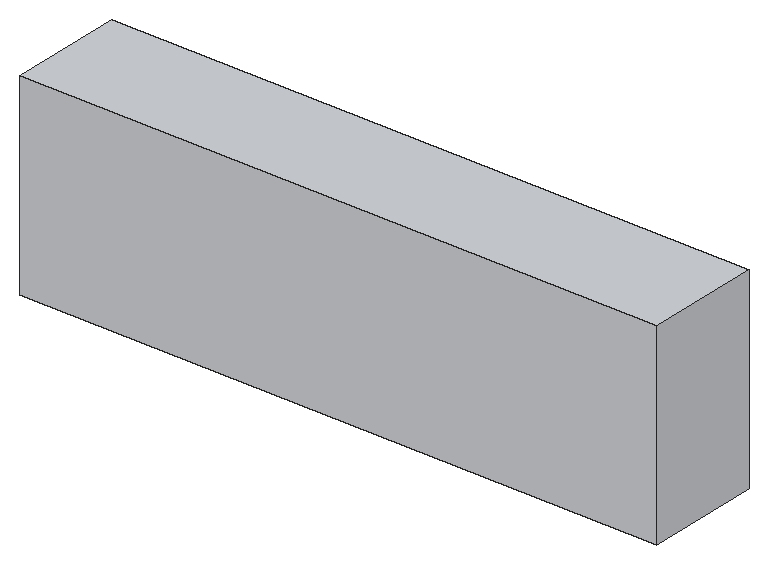
Revit family "BadFamily", category Mechanical Equipment, Revit 2013
Reference planes (in)
  plane 1 "Center (Front/Back)": y = 0
  plane 2: z = 0
  plane 3 "Center (Left/Right)": x = 0
Forms (in)
  Extrusion 1, solid
    sketch origin (0, 0, 0) x (1, 0, 0) y (0, 1, 0)
      loop
        line (-19.33872, 3.75775) -> (-19.33872, -3.24225) -> (19.66128, -3.24225) -> (19.66128, 3.75775) -> (-19.33872, 3.75775)
    from 0 to 12
Dimensions and locks (in)
  aligned and locked: plane 2 to level
Connectors (in)
  piping at (19.66128, 0.25775, 6)
    settings: on Extrusion 1, index 1, connector radius 1", flow factor 0, pipe flow 0 GPM, pressure drop 0.00 psi, fitting loss kfactor 0, connector angle 0.00°, fixture units 0, engagement length 0' - 0", flow configuration 0, flow direction 0, fitting loss method 0, system type 29, joint type 0, gender type 0, connector reference index -1, connector utility 0, adjustable connector no, is connector primary yes, fitting loss table "", connector description ""
  piping at (-19.33872, 0.25775, 6)
    settings: on Extrusion 1, index 2, connector radius 1", flow factor 0, pipe flow 0 GPM, pressure drop 0.00 psi, fitting loss kfactor 0, connector angle 0.00°, fixture units 0, engagement length 0' - 0", flow configuration 0, flow direction 0, fitting loss method 0, system type 29, joint type 0, gender type 0, connector reference index -1, connector utility 0, adjustable connector no, is connector primary no, fitting loss table "", connector description ""
